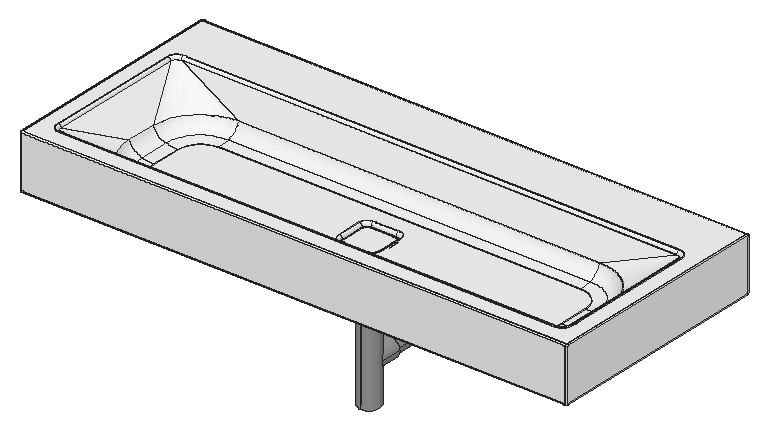
Revit family "KDW010100", category Appareils sanitaires, Revit 2015
Parameters (values of type "CONO WANDWASCHTISCH 3091 500x1200")
  Weight = "24,8"
  WaterSupplyOverflowAndWasteHolesWaterSupply = "n/a"
  WaterSupplyOverflowAndWasteHolesWaste = "n/a"
  WaterSupplyOverflowAndWasteHolesOverflow = "n/a"
  WarrantyStartDate = "https://www.kaldewei.co.uk/fileadmin/data/sprachen/englisch/prospekte/rest/GB_GUARANTEE__CARE_AND_INSTALLATION_INSTRUCTIONS.pdf"
  WarrantyDurationUnit = "Year"
  WarrantyDurationParts = "30"
  VolumeToOverflowMaximum = "n/a"
  Version = "2"
  Uniclass 2015 = "Pr_40_20_96"
  URL = "https://www.kaldewei.co.uk/products/washbasins/detail/product/cono-wandwaschtisch/"
  UNSPSCNames = "Sinks"
  UNSPSCCode = "30181504"
  Type Comments = "CONO WANDWASCHTISCH 3091 500x1200"
  TechnicalDataURL = "https://kaldewei.typo-live.web-factory.de/fileadmin/data/sprachen/englisch/techdata/KADBE_WT_CONO_____________3091_.pdf"
  Sustainability = "https://kaldewei-fa.secure.footprint.net/data/sprachen/englisch/prospekte/rest/Steel_Enamel_Baths_and_Shower_Trays.pdf"
  SupportFrame = "https://www.kaldewei.co.uk/products/washbasins/detail/product/cono-wandwaschtisch/?tx_wkkaldeweiproducts_product%5Bmodellnr%5D=3091&cHash=1e8b68520689007f33010daa55138bbf#tabConfiguration"
  Size = "500x1200"
  Shape = "Wall-Hung,Double washbasin"
  SerialNumber = "3091"
  Revision = "1"
  ProductInformation = "- washbasin with premium character exudes elegance and harmony- optimally integrated enamelled waste accentuates the underlying geometry of the washbasin- unusually generous rim provides space for fittings or individual accessories- perfectly complements the Cono range- All CONO washbasins of 120 cm width are available now with 1x1 or 1x3 tap holes"
  PanelMaterial = "n/a"
  ObjectURL = "https://www.kaldewei.co.uk/products/washbasins/detail/product/cono-wandwaschtisch/"
  ObjectPicture = "https://www.kaldewei.co.uk/products/washbasins/detail/product/cono-wandwaschtisch/?tx_wkkaldeweiproducts_product%5Bmodellnr%5D=3091&cHash=1e8b68520689007f33010daa55138bbf#tabConfiguration"
  ObjectNorm = "EN 14688 EU DECLARATION OF PERFORMANCE (https://www.kaldewei.de/fileadmin/data/sprachen/alle/pdfs/leistungserkla__rungBW-DW-WT-0216Web.pdf)"
  ObjectName = "CONOWANDWASCHTISCH 3091 500x1200"
  NominalWidth = "500"
  NominalLength = "1200"
  NominalHeight = "120 mm"
  NominalDepth = "n/a"
  Name = "CONOWANDWASCHTISCH"
  Modèle = "CONO WANDWASCHTISCH"
  Material = "steel enamel"
  ManufacturerURL = "https://www.kaldewei.com"
  ManufacturerName = "KALDEWEI"
  ManufacturerEmail = "info@kaldewei.de"
  ManufacturerCountry = "GERMANY"
  IntegralAccessories = "https://www.kaldewei.co.uk/products/washbasins/detail/product/cono-wandwaschtisch/?tx_wkkaldeweiproducts_product%5Bmodellnr%5D=3091&cHash=1e8b68520689007f33010daa55138bbf#tabConfiguration"
  IfcExportType = "IfcSanitaryTerminalType"
  IfcExportAs = "WASHHANDBASIN"
  Height [instance] = 90 cm
  Polantis code = "KDW010100"
  Metal = Acier, chromé
  HasGrabHandles = "https://www.kaldewei.co.uk/products/washbasins/detail/product/cono-wandwaschtisch/?tx_wkkaldeweiproducts_product%5Bmodellnr%5D=3091&cHash=1e8b68520689007f33010daa55138bbf#tabConfiguration"
  Finition = Kaldewei
  Finish = "https://n/a"
  Features = "https://www.kaldewei.co.uk/products/washbasins/detail/product/cono-wandwaschtisch/?tx_wkkaldeweiproducts_product%5Bmodellnr%5D=3091&cHash=1e8b68520689007f33010daa55138bbf#tabConfiguration"
  Fabricant = "Kaldewei"
  Durability = "https://www.kaldewei.de/fileadmin/data/sprachen/alle/pdfs/leistungserkla__rungBW-DW-WT-0216Web.pdf"
  DrainSize = "n/a"
  ConnectingDimensions = "n/a"
  ColourOptions = "https://www.kaldewei.co.uk/inspiration/material/colours/"
  Color = "https://www.kaldewei.co.uk/inspiration/material/colours/"
  Author = "Polantis"
Reference planes (cm)
  plane 1 "Center (Front/Back)": y = 0
  plane 2: z = 0
  plane 3 "Center (Left/Right)": x = 0
Nested families (cm)
  nested 1: "KDW010100" at (0, -25.0008, 0), Height <- "Height", type "KDW010100"
    with Height 90 cm
Definition of nested family "KDW010100"
  Parameters (values of type "KDW010100")
    Polantis code = "KDW010100"
    Metal = none
    Height [instance] = 90 cm
    Finition = none
  Reference planes (cm)
    plane 1 "Center (Front/Back)": y = 0
    plane 2: z = 0
    plane 3 "Center (Left/Right)": x = 0
    plane 4: x = -3.5388
    plane 5: x = -4.5533
    plane 6: z = 90
    plane 7: x = -3.5388
    plane 8: x = -4.5533
    plane 9: z = 12
  Forms (cm)
    Extrusion 1, solid, material <- "Metal"
      sketch origin (-0.0222, -17.2589, 78) x (1, 0, 0) y (0, 0, 1)
        loop
          circle (0, -20.8443) r 3.9615
      from -42.2596 to -40.6596
    Extrusion 2, solid, material <- "Metal"
      sketch origin (-0.0222, -5.0754, 78) x (1, 0, 0) y (0, 0, 1)
        loop
          circle (0, -21.0379) r 1.7878
      from -28.4762 to -6.4179
    Extrusion 3, solid, material <- "Metal"
      sketch origin (-0.0222, -5.0754, 78) x (1, 0, 0) y (0, 0, 1)
        loop
          circle (0, -21.0379) r 2.2757
      from -6.4179 to -0.9762
    Revolve 4, solid, material <- "Metal"
      sketch origin (-0.0222, -5.0754, 78) x (0, 1, 0) y (0, 0, 1)
        loop
          line (3.2576, -1.7992) -> (2.9092, -1.7992) -> (2.9092, -3.7934) -> (2.3993, -3.7934) -> (2.3993, -29.8796) -> (3.2576, -29.8796) -> (3.2576, -1.7992)
        axis (0.9809, -1.7992) -> (0.9809, -29.8796)
      angle from 0 to 360
    Extrusion 5, solid, material <- "Finition"
      sketch origin (0.1995, -5.0754, 77.7721) x (1, 0, 0) y (0, 1, 0)
        loop
          arc (-3.9455, -1.4809) -> (-3.594, -2.3294) -> (-2.7455, -2.6809) r 1.2
          line (-2.7455, -2.6809) -> (2.3464, -2.6809)
          arc (2.3464, -2.6809) -> (3.195, -2.3294) -> (3.5464, -1.4809) r 1.2
          line (3.5464, -1.4809) -> (3.5464, 3.5005)
          arc (3.5464, 3.5005) -> (3.195, 4.3491) -> (2.3464, 4.7005) r 1.2
          line (2.3464, 4.7005) -> (-2.7455, 4.7005)
          arc (-2.7455, 4.7005) -> (-3.594, 4.3491) -> (-3.9455, 3.5005) r 1.2
          line (-3.9455, 3.5005) -> (-3.9455, -1.4809)
      from 2.2472 to 2.5227
    Sweep 6, solid, material <- "Finition"
      path origin (0.1995, -5.0754, 77.7721) x (1, 0, 0) y (0, 1, 0)
        loop
          line (-3.9455, 3.5005) -> (-3.9455, -1.4809)
          arc (-3.9455, -1.4809) -> (-3.594, -2.3294) -> (-2.7455, -2.6809) r 1.2
          line (-2.7455, -2.6809) -> (2.3464, -2.6809)
          arc (2.3464, -2.6809) -> (3.195, -2.3294) -> (3.5464, -1.4809) r 1.2
          line (3.5464, -1.4809) -> (3.5464, 3.5005)
          arc (3.5464, 3.5005) -> (3.195, 4.3491) -> (2.3464, 4.7005) r 1.2
          line (2.3464, 4.7005) -> (-2.7455, 4.7005)
          arc (-2.7455, 4.7005) -> (-3.594, 4.3491) -> (-3.9455, 3.5005) r 1.2
      profile origin (-3.746, -4.0656, 77.7721) x (1, 0, 0) y (0, 0, 1)
        loop
          line (0, 2.2472) -> (0, 2.5227)
          arc (0, 2.5227) -> (-0.0556, 2.4997) -> (-0.0786, 2.4441) r 0.0786
          line (-0.0786, 2.4441) -> (-0.0786, 2.3258)
          arc (-0.0786, 2.3258) -> (-0.0556, 2.2702) -> (0, 2.2472) r 0.0786
    Revolve 7, solid, material <- "Metal"
      sketch origin (-0.0222, -5.0754, 78) x (0, 1, 0) y (0, 0, 1)
        loop
          arc (3.1884, 0.9856) -> (3.3497, 1.0524) -> (3.4165, 1.2137) r 0.2282
          line (3.4165, 1.2137) -> (3.4165, 1.4131) -> (4.0531, 1.4465) -> (4.0531, 1.5353) -> (1.7518, 1.5353) -> (1.7518, -3.7154) -> (2.9961, -3.7154) -> (2.9961, -1.9612) -> (3.4878, -1.7214) -> (3.4878, -1.148) -> (3.9268, -1.148) -> (4.0263, -1.0484) -> (4.0263, -0.898) -> (4.1543, -0.898) -> (4.1543, -0.798) -> (3.1642, -0.798) -> (3.1642, 0.102) -> (4.5494, 0.102) -> (4.5494, 0.302) -> (3.4576, 0.302)
          arc (3.4576, 0.302) -> (3.3527, 0.4677) -> (3.4576, 0.6333) r 0.1833
          line (3.4576, 0.6333) -> (4.1494, 0.8832) -> (4.1494, 0.9845) -> (3.1949, 0.9845)
        axis (0.9809, -3.7154) -> (0.9809, 1.5353)
      angle from 0 to 360
    Extrusion 8, solid, material <- "Finition"
      sketch origin (-0.0222, -5.0754, 78) x (1, 0, 0) y (0, 1, 0)
        loop
          line (-59.6477, 29.7754) -> (-59.6477, -19.6246) -> (59.7523, -19.6246) -> (59.7523, 29.7754) -> (-59.6477, 29.7754)
        loop
          arc (-56.3226, -13.9861) -> (-55.7369, -15.4003) -> (-54.3226, -15.9861) r 2
          line (-54.3226, -15.9861) -> (54.3671, -15.9861)
          arc (54.3671, -15.9861) -> (55.7813, -15.4003) -> (56.3671, -13.9861) r 2
          line (56.3671, -13.9861) -> (56.3671, 16.0913)
          arc (56.3671, 16.0913) -> (55.7813, 17.5055) -> (54.3671, 18.0913) r 2
          line (54.3671, 18.0913) -> (-54.3226, 18.0913)
          arc (-54.3226, 18.0913) -> (-55.7369, 17.5055) -> (-56.3226, 16.0913) r 2
          line (-56.3226, 16.0913) -> (-56.3226, -13.9861)
      from 11.8 to 12
    Revolve 9, solid, material <- "Finition"
      sketch origin (-59.6699, -5.0754, 78) x (0, 1, 0) y (0, 0, 1)
        loop
          line (29.7754, 0.2009) -> (29.7754, 0)
          arc (29.7754, 0) -> (29.9875, 0.0879) -> (30.0754, 0.3) r 0.3
          line (30.0754, 0.3) -> (30.0754, 11.6993)
          arc (30.0754, 11.6993) -> (29.9875, 11.9115) -> (29.7754, 11.9993) r 0.3
          line (29.7754, 11.9993) -> (29.7754, 11.7984)
          arc (29.7754, 11.7984) -> (29.8461, 11.7697) -> (29.8754, 11.6993) r 0.0991
          line (29.8754, 11.6993) -> (29.8754, 0.3)
          arc (29.8754, 0.3) -> (29.8461, 0.2296) -> (29.7754, 0.2009) r 0.0991
        axis (29.7754, 11.9993) -> (29.7754, 0)
      angle from 0 to 90
    Revolve 10, solid, material <- "Finition"
      sketch origin (-59.6699, 5.0754, 78) x (0, -1, 0) y (0, 0, -1)
        loop
          arc (29.7754, -0.2009) -> (29.8461, -0.2296) -> (29.8754, -0.3) r 0.0991
          line (29.8754, -0.3) -> (29.8754, -11.6993)
          arc (29.8754, -11.6993) -> (29.8461, -11.7697) -> (29.7754, -11.7984) r 0.0991
          line (29.7754, -11.7984) -> (29.7754, -11.9993)
          arc (29.7754, -11.9993) -> (29.9875, -11.9115) -> (30.0754, -11.6993) r 0.3
          line (30.0754, -11.6993) -> (30.0754, -0.3)
          arc (30.0754, -0.3) -> (29.9875, -0.0879) -> (29.7754, 0) r 0.3
          line (29.7754, 0) -> (29.7754, -0.2009)
        axis (29.7754, -11.9993) -> (29.7754, 0)
      angle from 0 to 90
    Revolve 11, solid, material <- "Finition"
      sketch origin (59.7301, 5.0754, 78) x (0, -1, 0) y (0, 0, 1)
        loop
          line (29.7754, 0.2009) -> (29.7754, 0)
          arc (29.7754, 0) -> (29.9875, 0.0879) -> (30.0754, 0.3) r 0.3
          line (30.0754, 0.3) -> (30.0754, 11.6993)
          arc (30.0754, 11.6993) -> (29.9875, 11.9115) -> (29.7754, 11.9993) r 0.3
          line (29.7754, 11.9993) -> (29.7754, 11.7984)
          arc (29.7754, 11.7984) -> (29.8461, 11.7697) -> (29.8754, 11.6993) r 0.0991
          line (29.8754, 11.6993) -> (29.8754, 0.3)
          arc (29.8754, 0.3) -> (29.8461, 0.2296) -> (29.7754, 0.2009) r 0.0991
        axis (29.7754, 11.9993) -> (29.7754, 0)
      angle from 0 to 90
    Revolve 12, solid, material <- "Finition"
      sketch origin (59.7301, -5.0754, 78) x (0, 1, 0) y (0, 0, -1)
        loop
          arc (29.7754, -0.2009) -> (29.8461, -0.2296) -> (29.8754, -0.3) r 0.0991
          line (29.8754, -0.3) -> (29.8754, -11.6993)
          arc (29.8754, -11.6993) -> (29.8461, -11.7697) -> (29.7754, -11.7984) r 0.0991
          line (29.7754, -11.7984) -> (29.7754, -11.9993)
          arc (29.7754, -11.9993) -> (29.9875, -11.9115) -> (30.0754, -11.6993) r 0.3
          line (30.0754, -11.6993) -> (30.0754, -0.3)
          arc (30.0754, -0.3) -> (29.9875, -0.0879) -> (29.7754, 0) r 0.3
          line (29.7754, 0) -> (29.7754, -0.2009)
        axis (29.7754, -11.9993) -> (29.7754, 0)
      angle from 0 to 90
    Extrusion 13, solid, material <- "Finition"
      sketch origin (-0.0222, -5.0754, 78) x (0, 1, 0) y (0, 0, 1)
        loop
          line (29.8754, 11.6993) -> (29.8754, 0.3)
          arc (29.8754, 0.3) -> (29.8461, 0.2296) -> (29.7754, 0.2009) r 0.0991
          line (29.7754, 0.2009) -> (29.7754, 0)
          arc (29.7754, 0) -> (29.9875, 0.0879) -> (30.0754, 0.3) r 0.3
          line (30.0754, 0.3) -> (30.0754, 11.6993)
          arc (30.0754, 11.6993) -> (29.9875, 11.9115) -> (29.7754, 11.9993) r 0.3
          line (29.7754, 11.9993) -> (29.7754, 11.7984)
          arc (29.7754, 11.7984) -> (29.8461, 11.7697) -> (29.8754, 11.6993) r 0.0991
        loop
          arc (-19.7246, 11.6993) -> (-19.6952, 11.7697) -> (-19.6246, 11.7984) r 0.0991
          line (-19.6246, 11.7984) -> (-19.6246, 11.9993)
          arc (-19.6246, 11.9993) -> (-19.8367, 11.9115) -> (-19.9246, 11.6993) r 0.3
          line (-19.9246, 11.6993) -> (-19.9246, 0.3)
          arc (-19.9246, 0.3) -> (-19.8367, 0.0879) -> (-19.6246, 0) r 0.3
          line (-19.6246, 0) -> (-19.6246, 0.2009)
          arc (-19.6246, 0.2009) -> (-19.6952, 0.2296) -> (-19.7246, 0.3) r 0.0991
          line (-19.7246, 0.3) -> (-19.7246, 11.6993)
      from -59.6477 to 59.7523
    Extrusion 14, solid, material <- "Finition"
      sketch origin (-0.0222, -5.0754, 78) x (1, 0, 0) y (0, 0, 1)
        loop
          arc (59.7523, 11.7984) -> (59.823, 11.7697) -> (59.8523, 11.6993) r 0.0991
          line (59.8523, 11.6993) -> (59.8523, 0.3)
          arc (59.8523, 0.3) -> (59.823, 0.2296) -> (59.7523, 0.2009) r 0.0991
          line (59.7523, 0.2009) -> (59.7523, 0)
          arc (59.7523, 0) -> (59.9645, 0.0879) -> (60.0523, 0.3) r 0.3
          line (60.0523, 0.3) -> (60.0523, 11.6993)
          arc (60.0523, 11.6993) -> (59.9645, 11.9115) -> (59.7523, 11.9993) r 0.3
          line (59.7523, 11.9993) -> (59.7523, 11.7984)
        loop
          line (-59.6477, 11.7984) -> (-59.6477, 11.9993)
          arc (-59.6477, 11.9993) -> (-59.8598, 11.9115) -> (-59.9477, 11.6993) r 0.3
          line (-59.9477, 11.6993) -> (-59.9477, 0.3)
          arc (-59.9477, 0.3) -> (-59.8598, 0.0879) -> (-59.6477, 0) r 0.3
          line (-59.6477, 0) -> (-59.6477, 0.2009)
          arc (-59.6477, 0.2009) -> (-59.7183, 0.2296) -> (-59.7477, 0.3) r 0.0991
          line (-59.7477, 0.3) -> (-59.7477, 11.6993)
          arc (-59.7477, 11.6993) -> (-59.7183, 11.7697) -> (-59.6477, 11.7984) r 0.0991
      from -29.7754 to 19.6246
    Extrusion 15, solid, material <- "Finition"
      sketch origin (-0.0222, -5.0754, 78) x (1, 0, 0) y (0, 1, 0)
        loop
          line (-59.6477, 29.7754) -> (-59.6477, -19.6246) -> (59.7523, -19.6246) -> (59.7523, 29.7754) -> (-59.6477, 29.7754)
        loop
          line (59.0523, -17.9246) -> (59.0523, 28.0754) -> (-58.9477, 28.0754) -> (-58.9477, -17.9246) -> (59.0523, -17.9246)
      from 0 to 0.2
    Extrusion 16, solid, material <- "Finition"
      sketch origin (-0.0222, -5.0754, 78) x (1, 0, 0) y (0, 1, 0)
        loop
          line (48.2523, -18.5084) -> (48.2523, -18.6914) -> (50.5523, -18.6914) -> (50.5523, -17.3055)
          arc (50.5523, -17.3055) -> (50.6023, -17.2555) -> (50.6523, -17.3055) r 0.05
          line (50.6523, -17.3055) -> (50.6523, -17.9246) -> (51.1523, -17.9246) -> (51.1523, -17.3055)
          arc (51.1523, -17.3055) -> (51.2023, -17.2555) -> (51.2523, -17.3055) r 0.05
          line (51.2523, -17.3055) -> (51.2523, -18.6914) -> (57.1523, -18.6914) -> (57.1523, -17.3055)
          arc (57.1523, -17.3055) -> (57.2023, -17.2555) -> (57.2523, -17.3055) r 0.05
          line (57.2523, -17.3055) -> (57.2523, -17.9246) -> (57.7523, -17.9246) -> (57.7523, -17.3055)
          arc (57.7523, -17.3055) -> (57.8023, -17.2555) -> (57.8523, -17.3055) r 0.05
          line (57.8523, -17.3055) -> (57.8523, -18.6914) -> (58.3523, -18.6914) -> (59.6523, -17.3914) -> (59.6523, -15.0914) -> (53.3456, -15.0914)
          arc (53.3456, -15.0914) -> (52.078, -15.329) -> (50.9825, -16.0096) r 3.5
          line (50.9825, -16.0096) -> (48.2523, -18.5084)
        loop
          line (54.8325, -15.4672) -> (52.8383, -15.4915)
          arc (52.8383, -15.4915) -> (51.7067, -16.7417) -> (53.0382, -17.7763) r 1.15
          line (53.0382, -17.7763) -> (55.0063, -17.454)
          arc (55.0063, -17.454) -> (55.8409, -16.38) -> (54.8325, -15.4672) r 1
        loop
          line (48.0523, 28.5338) -> (54.0524, 23.0423) -> (59.6523, 23.0423) -> (59.6523, 27.5423) -> (58.3523, 28.8423) -> (57.8523, 28.8423) -> (57.8523, 27.4564)
          arc (57.8523, 27.4564) -> (57.8023, 27.4064) -> (57.7523, 27.4564) r 0.05
          line (57.7523, 27.4564) -> (57.7523, 28.0754) -> (57.2523, 28.0754) -> (57.2523, 27.4564)
          arc (57.2523, 27.4564) -> (57.2023, 27.4064) -> (57.1523, 27.4564) r 0.05
          line (57.1523, 27.4564) -> (57.1523, 28.8423) -> (51.2523, 28.8423) -> (51.2523, 27.4564)
          arc (51.2523, 27.4564) -> (51.2023, 27.4064) -> (51.1523, 27.4564) r 0.05
          line (51.1523, 27.4564) -> (51.1523, 28.0754) -> (50.6523, 28.0754) -> (50.6523, 27.4564)
          arc (50.6523, 27.4564) -> (50.6023, 27.4064) -> (50.5523, 27.4564) r 0.05
          line (50.5523, 27.4564) -> (50.5523, 28.8423) -> (48.0523, 28.8423) -> (48.0523, 28.5338)
        loop
          arc (54.8325, 25.618) -> (55.8409, 26.5308) -> (55.0063, 27.6048) r 1
          line (55.0063, 27.6048) -> (53.0382, 27.9271)
          arc (53.0382, 27.9271) -> (51.7067, 26.8925) -> (52.8383, 25.6423) r 1.15
          line (52.8383, 25.6423) -> (54.8325, 25.618)
      from 0.2 to 0.4
    Revolve 17, solid, material <- "Finition"
      sketch origin (-0.0222, -4, 78.086) x (1, 0, 0) y (0, 0, 1)
        loop
          line (-2.3425, 0.7708) -> (-1.9661, 0.7708) -> (-1.9661, 0.9708) -> (-2.3626, 0.9708)
          arc (-2.3626, 0.9708) -> (-2.4709, 1) -> (-2.5615, 1.0661) r 0.3077
          arc (-2.5615, 1.0661) -> (-2.9902, 1.4868) -> (-3.4868, 1.8248) r 3.3705
          line (-3.4868, 1.8248) -> (-3.4868, 1.6248)
          arc (-3.4868, 1.6248) -> (-3.0809, 1.2954) -> (-2.7074, 0.9297) r 5.6183
          arc (-2.7074, 0.9297) -> (-2.5415, 0.8122) -> (-2.3425, 0.7708) r 0.4984
        axis (0.0526, 1.8248) -> (0.0526, 0.7708)
      angle from 0 to 360
    Sweep 18, solid, material <- "Finition"
      path origin (-0.0222, -5.0754, 78) x (1, 0, 0) y (0, 1, 0)
        loop
          arc (-54.3226, 18.0913) -> (-55.7369, 17.5055) -> (-56.3226, 16.0913) r 2
          line (-56.3226, 16.0913) -> (-56.3226, -13.9861)
          arc (-56.3226, -13.9861) -> (-55.7369, -15.4003) -> (-54.3226, -15.9861) r 2
          line (-54.3226, -15.9861) -> (54.3671, -15.9861)
          arc (54.3671, -15.9861) -> (55.7813, -15.4003) -> (56.3671, -13.9861) r 2
          line (56.3671, -13.9861) -> (56.3671, 16.0913)
          arc (56.3671, 16.0913) -> (55.7813, 17.5055) -> (54.3671, 18.0913) r 2
          line (54.3671, 18.0913) -> (-54.3226, 18.0913)
      profile origin (0, 13.0159, 78) x (0, 1, 0) y (0, 0, 1)
        loop
          line (0.0964, 12) -> (-0.0036, 12)
          arc (-0.0036, 12) -> (-0.4312, 11.8421) -> (-0.6535, 11.4441) r 0.6579
          line (-0.6535, 11.4441) -> (-0.4535, 11.4441)
          arc (-0.4535, 11.4441) -> (-0.2904, 11.7003) -> (-0.0036, 11.8) r 0.4623
          line (-0.0036, 11.8) -> (0.0964, 11.8) -> (0.0964, 12)
    Extrusion 19, void
      sketch origin (-0.0222, -5.0754, 78) x (1, 0, 0) y (0, 0, 1)
        loop
          arc (51.6523, 7.5) -> (50.6523, 6.5) -> (51.6523, 5.5) r 1
          line (51.6523, 5.5) -> (52.4523, 5.5)
          arc (52.4523, 5.5) -> (53.4523, 6.5) -> (52.4523, 7.5) r 1
          line (52.4523, 7.5) -> (51.6523, 7.5)
        loop
          arc (13.6481, 7.5) -> (12.6481, 6.5) -> (13.6481, 5.5) r 1
          line (13.6481, 5.5) -> (14.4481, 5.5)
          arc (14.4481, 5.5) -> (15.4481, 6.5) -> (14.4481, 7.5) r 1
          line (14.4481, 7.5) -> (13.6481, 7.5)
        loop
          line (-51.5434, 7.5) -> (-52.3434, 7.5)
          arc (-52.3434, 7.5) -> (-53.3434, 6.5) -> (-52.3434, 5.5) r 1
          line (-52.3434, 5.5) -> (-51.5434, 5.5)
          arc (-51.5434, 5.5) -> (-50.5434, 6.5) -> (-51.5434, 7.5) r 1
        loop
          line (-13.5434, 7.5) -> (-14.3434, 7.5)
          arc (-14.3434, 7.5) -> (-15.3434, 6.5) -> (-14.3434, 5.5) r 1
          line (-14.3434, 5.5) -> (-13.5434, 5.5)
          arc (-13.5434, 5.5) -> (-12.5434, 6.5) -> (-13.5434, 7.5) r 1
      from -29.7754 to -30.0754
    Sweep 20, solid, material <- "Finition"
      path origin (-0.0222, -5.0754, 78) x (1, 0, 0) y (0, 1, 0)
        loop
          arc (-39.6731, 9.3454) -> (-43.2086, 7.8809) -> (-44.6731, 4.3454) r 5
          line (-44.6731, 4.3454) -> (-44.6731, -2.2018)
          arc (-44.6731, -2.2018) -> (-43.2086, -5.7374) -> (-39.6731, -7.2018) r 5
          line (-39.6731, -7.2018) -> (39.6731, -7.2018)
          arc (39.6731, -7.2018) -> (43.2086, -5.7374) -> (44.6731, -2.2018) r 5
          line (44.6731, -2.2018) -> (44.6731, 4.3454)
          arc (44.6731, 4.3454) -> (43.2086, 7.8809) -> (39.6731, 9.3454) r 5
          line (39.6731, 9.3454) -> (-39.6731, 9.3454)
      profile origin (-0.0222, 4.27, 78) x (0, 1, 0) y (0, 0, 1)
        loop
          arc (0, 2.8292) -> (1.3512, 2.898) -> (2.6863, 3.1173) r 12.0903
          arc (2.6863, 3.1173) -> (4.5133, 4.0669) -> (5.6252, 5.8) r 3.9969
          line (5.6252, 5.8) -> (5.4252, 5.8)
          arc (5.4252, 5.8) -> (4.3493, 4.2059) -> (2.6487, 3.3076) r 3.9556
          arc (2.6487, 3.3076) -> (1.3302, 3.1131) -> (0, 3.0292) r 15.9568
          line (0, 3.0292) -> (0, 2.8292)
    SweptBlend 21, solid, material <- "Finition"
      path origin (-0.0222, -5.0754, 78) x (0, 1, 0) y (0, 0, 1)
        loop
          line (0, 11.4441) -> (0, 5.8)
      profile origin (-0.0222, -5.0754, 89.4441) x (1, 0, 0) y (0, 1, 0)
        loop
          line (-55.8691, 16.0913) -> (-55.8691, -13.9861)
          arc (-55.8691, -13.9861) -> (-55.4162, -15.0796) -> (-54.3226, -15.5326) r 1.5465
          line (-54.3226, -15.5326) -> (0.0222, -15.5326) -> (0.0222, -15.3326) -> (-54.3226, -15.3326)
          arc (-54.3226, -15.3326) -> (-55.2748, -14.9382) -> (-55.6691, -13.9861) r 1.3465
          line (-55.6691, -13.9861) -> (-55.6691, 16.0913)
          arc (-55.6691, 16.0913) -> (-55.2748, 17.0434) -> (-54.3226, 17.4378) r 1.3465
          line (-54.3226, 17.4378) -> (0.0222, 17.4378) -> (0.0222, 17.6378) -> (-54.3226, 17.6378)
          arc (-54.3226, 17.6378) -> (-55.4162, 17.1848) -> (-55.8691, 16.0913) r 1.5465
      end profile origin (-0.0222, -5.0754, 83.8) x (1, 0, 0) y (0, 1, 0)
        loop
          arc (-39.6731, -12.627) -> (-47.0448, -9.5735) -> (-50.0983, -2.2018) r 10.4252
          line (-50.0983, -2.2018) -> (-50.0983, 4.3454)
          arc (-50.0983, 4.3454) -> (-47.0448, 11.7171) -> (-39.6731, 14.7706) r 10.4252
          line (-39.6731, 14.7706) -> (0.0222, 14.7706) -> (0.0222, 14.9706) -> (-39.6731, 14.9706)
          arc (-39.6731, 14.9706) -> (-47.1862, 11.8585) -> (-50.2983, 4.3454) r 10.6252
          line (-50.2983, 4.3454) -> (-50.2983, -2.2018)
          arc (-50.2983, -2.2018) -> (-47.1862, -9.715) -> (-39.6731, -12.827) r 10.6252
          line (-39.6731, -12.827) -> (0.0222, -12.827) -> (0.0222, -12.627) -> (-39.6731, -12.627)
    SweptBlend 22, solid, material <- "Finition"
      path origin (0.0222, -5.0754, 78) x (0, 1, 0) y (0, 0, -1)
        loop
          line (0, -11.4441) -> (0, -5.8)
      profile origin (0.0222, -5.0754, 89.4441) x (-1, 0, 0) y (0, -1, 0)
        loop
          arc (-55.8691, -16.0913) -> (-55.4162, -17.1848) -> (-54.3226, -17.6378) r 1.5465
          line (-54.3226, -17.6378) -> (0.0222, -17.6378) -> (0.0222, -17.4378) -> (-54.3226, -17.4378)
          arc (-54.3226, -17.4378) -> (-55.2748, -17.0434) -> (-55.6691, -16.0913) r 1.3465
          line (-55.6691, -16.0913) -> (-55.6691, 13.9861)
          arc (-55.6691, 13.9861) -> (-55.2748, 14.9382) -> (-54.3226, 15.3326) r 1.3465
          line (-54.3226, 15.3326) -> (0.0222, 15.3326) -> (0.0222, 15.5326) -> (-54.3226, 15.5326)
          arc (-54.3226, 15.5326) -> (-55.4162, 15.0796) -> (-55.8691, 13.9861) r 1.5465
          line (-55.8691, 13.9861) -> (-55.8691, -16.0913)
      end profile origin (0.0222, -5.0754, 83.8) x (-1, 0, 0) y (0, -1, 0)
        loop
          line (-39.6731, 12.627) -> (0.0222, 12.627) -> (0.0222, 12.827) -> (-39.6731, 12.827)
          arc (-39.6731, 12.827) -> (-47.1862, 9.715) -> (-50.2983, 2.2018) r 10.6252
          line (-50.2983, 2.2018) -> (-50.2983, -4.3454)
          arc (-50.2983, -4.3454) -> (-47.1862, -11.8585) -> (-39.6731, -14.9706) r 10.6252
          line (-39.6731, -14.9706) -> (0.0222, -14.9706) -> (0.0222, -14.7706) -> (-39.6731, -14.7706)
          arc (-39.6731, -14.7706) -> (-47.0448, -11.7171) -> (-50.0983, -4.3454) r 10.4252
          line (-50.0983, -4.3454) -> (-50.0983, 2.2018)
          arc (-50.0983, 2.2018) -> (-47.0448, 9.5735) -> (-39.6731, 12.627) r 10.4252
    Extrusion 23, solid, material <- "Finition"
      sketch origin (-0.0222, -5.0754, 80.8292) x (1, 0, 0) y (0, 1, 0)
        loop
          line (-44.6731, 4.3454) -> (-44.6731, -2.2018)
          arc (-44.6731, -2.2018) -> (-43.2086, -5.7374) -> (-39.6731, -7.2018) r 5
          line (-39.6731, -7.2018) -> (39.6731, -7.2018)
          arc (39.6731, -7.2018) -> (43.2086, -5.7374) -> (44.6731, -2.2018) r 5
          line (44.6731, -2.2018) -> (44.6731, 4.3454)
          arc (44.6731, 4.3454) -> (43.2086, 7.8809) -> (39.6731, 9.3454) r 5
          line (39.6731, 9.3454) -> (-39.6731, 9.3454)
          arc (-39.6731, 9.3454) -> (-43.2086, 7.8809) -> (-44.6731, 4.3454) r 5
        loop
          line (-4.5311, 3.8145) -> (-4.5311, -1.6637)
          arc (-4.5311, -1.6637) -> (-3.9909, -2.9678) -> (-2.6868, -3.508) r 1.8443
          line (-2.6868, -3.508) -> (2.7922, -3.508)
          arc (2.7922, -3.508) -> (4.1022, -2.9619) -> (4.6364, -1.6471) r 1.8443
          line (4.6364, -1.6471) -> (4.6364, 3.8145)
          arc (4.6364, 3.8145) -> (4.0962, 5.1187) -> (2.7921, 5.6589) r 1.8443
          line (2.7921, 5.6589) -> (-2.6868, 5.6589)
          arc (-2.6868, 5.6589) -> (-3.9909, 5.1187) -> (-4.5311, 3.8145) r 1.8443
      from 0 to 0.2
    Sweep 24, solid, material <- "Finition"
      path origin (-0.0527, -5.0754, 82.6571) x (0, -1, 0) y (1, 0, 0)
        loop
          arc (1.6637, -4.5006) -> (2.9678, -3.9604) -> (3.508, -2.6563) r 1.8443
          line (3.508, -2.6563) -> (3.508, 2.8269)
          arc (3.508, 2.8269) -> (2.9691, 4.128) -> (1.668, 4.6669) r 1.84
          line (1.668, 4.6669) -> (-3.8145, 4.6669)
          arc (-3.8145, 4.6669) -> (-5.1187, 4.1267) -> (-5.6589, 2.8225) r 1.8443
          line (-5.6589, 2.8225) -> (-5.6589, -2.6563)
          arc (-5.6589, -2.6563) -> (-5.1187, -3.9604) -> (-3.8145, -4.5006) r 1.8443
          line (-3.8145, -4.5006) -> (1.6637, -4.5006)
      profile origin (-4.5533, -4, 82.6571) x (-1, 0, 0) y (0, 0, 1)
        loop
          line (-1.0443, -2.7463) -> (-1.0443, -2.9473)
          arc (-1.0443, -2.9473) -> (-0.6161, -2.7875) -> (-0.4217, -2.3737) r 0.6053
          arc (-0.4217, -2.3737) -> (-0.296, -2.037) -> (0, -1.8332) r 0.5977
          line (0, -1.8332) -> (0, -1.6279)
          arc (0, -1.6279) -> (-0.4531, -1.874) -> (-0.6186, -2.3623) r 0.7068
          arc (-0.6186, -2.3623) -> (-0.7491, -2.6457) -> (-1.0443, -2.7463) r 0.3955
    Extrusion 25, solid, material <- "Finition"
      sketch origin (0, 0, 79.7108) x (1, 0, 0) y (0, 1, 0)
        loop
          arc (-3.509, -4) -> (-2.488, -1.5131) -> (-0.0142, -0.4609) r 3.5394
          line (-0.0142, -0.4609) -> (-2.709, -0.4609)
          arc (-2.709, -0.4609) -> (-3.2747, -0.6952) -> (-3.509, -1.2609) r 0.8
          line (-3.509, -1.2609) -> (-3.509, -4)
      from 0 to 0.2
    Extrusion 26, solid, material <- "Finition"
      sketch origin (0, -8, 79.7108) x (1, 0, 0) y (0, 1, 0)
        loop
          line (-3.509, 4) -> (-3.509, 1.2609)
          arc (-3.509, 1.2609) -> (-3.2747, 0.6952) -> (-2.709, 0.4609) r 0.8
          line (-2.709, 0.4609) -> (-0.0142, 0.4609)
          arc (-0.0142, 0.4609) -> (-2.488, 1.5131) -> (-3.509, 4) r 3.5394
      from 0 to 0.2
    Extrusion 27, solid, material <- "Finition"
      sketch origin (0.0609, 0, 79.7108) x (-1, 0, 0) y (0, -1, 0)
        loop
          line (-3.509, 4) -> (-3.509, 1.2609)
          arc (-3.509, 1.2609) -> (-3.2747, 0.6952) -> (-2.709, 0.4609) r 0.8
          line (-2.709, 0.4609) -> (-0.0142, 0.4609)
          arc (-0.0142, 0.4609) -> (-2.488, 1.5131) -> (-3.509, 4) r 3.5394
      from 0 to 0.2
    Extrusion 28, solid, material <- "Finition"
      sketch origin (0.0609, -8, 79.7108) x (-1, 0, 0) y (0, -1, 0)
        loop
          arc (-3.509, -4) -> (-2.488, -1.5131) -> (-0.0142, -0.4609) r 3.5394
          line (-0.0142, -0.4609) -> (-2.709, -0.4609)
          arc (-2.709, -0.4609) -> (-3.2747, -0.6952) -> (-3.509, -1.2609) r 0.8
          line (-3.509, -1.2609) -> (-3.509, -4)
      from 0 to 0.2
    Extrusion 29, solid, material <- "Metal", not visible
      sketch origin (-0.0222, -17.2589, 0) x (1, 0, 0) y (0, 0, 1)
        loop
          circle (0, -20.8443) r 3.9615
      from -42.2596 to -40.6596
    Extrusion 30, solid, material <- "Metal", not visible
      sketch origin (-0.0222, -5.0754, 0) x (1, 0, 0) y (0, 0, 1)
        loop
          circle (0, -21.0379) r 1.7878
      from -28.4762 to -6.4179
    Extrusion 31, solid, material <- "Metal", not visible
      sketch origin (-0.0222, -5.0754, 0) x (1, 0, 0) y (0, 0, 1)
        loop
          circle (0, -21.0379) r 2.2757
      from -6.4179 to -0.9762
    Revolve 32, solid, material <- "Metal", not visible
      sketch origin (-0.0222, -5.0754, 0) x (0, 1, 0) y (0, 0, 1)
        loop
          line (3.2576, -1.7992) -> (2.9092, -1.7992) -> (2.9092, -3.7934) -> (2.3993, -3.7934) -> (2.3993, -29.8796) -> (3.2576, -29.8796) -> (3.2576, -1.7992)
        axis (0.9809, -1.7992) -> (0.9809, -29.8796)
      angle from 0 to 360
    Extrusion 33, solid, material <- "Finition", not visible
      sketch origin (0.1995, -5.0754, -0.2279) x (1, 0, 0) y (0, 1, 0)
        loop
          arc (-3.9455, -1.4809) -> (-3.594, -2.3294) -> (-2.7455, -2.6809) r 1.2
          line (-2.7455, -2.6809) -> (2.3464, -2.6809)
          arc (2.3464, -2.6809) -> (3.195, -2.3294) -> (3.5464, -1.4809) r 1.2
          line (3.5464, -1.4809) -> (3.5464, 3.5005)
          arc (3.5464, 3.5005) -> (3.195, 4.3491) -> (2.3464, 4.7005) r 1.2
          line (2.3464, 4.7005) -> (-2.7455, 4.7005)
          arc (-2.7455, 4.7005) -> (-3.594, 4.3491) -> (-3.9455, 3.5005) r 1.2
          line (-3.9455, 3.5005) -> (-3.9455, -1.4809)
      from 2.2472 to 2.5227
    Sweep 34, solid, material <- "Finition", not visible
      path origin (0.1995, -5.0754, -0.2279) x (1, 0, 0) y (0, 1, 0)
        loop
          line (-3.9455, 3.5005) -> (-3.9455, -1.4809)
          arc (-3.9455, -1.4809) -> (-3.594, -2.3294) -> (-2.7455, -2.6809) r 1.2
          line (-2.7455, -2.6809) -> (2.3464, -2.6809)
          arc (2.3464, -2.6809) -> (3.195, -2.3294) -> (3.5464, -1.4809) r 1.2
          line (3.5464, -1.4809) -> (3.5464, 3.5005)
          arc (3.5464, 3.5005) -> (3.195, 4.3491) -> (2.3464, 4.7005) r 1.2
          line (2.3464, 4.7005) -> (-2.7455, 4.7005)
          arc (-2.7455, 4.7005) -> (-3.594, 4.3491) -> (-3.9455, 3.5005) r 1.2
      profile origin (-3.746, -4.0656, -0.2279) x (1, 0, 0) y (0, 0, 1)
        loop
          line (0, 2.2472) -> (0, 2.5227)
          arc (0, 2.5227) -> (-0.0556, 2.4997) -> (-0.0786, 2.4441) r 0.0786
          line (-0.0786, 2.4441) -> (-0.0786, 2.3258)
          arc (-0.0786, 2.3258) -> (-0.0556, 2.2702) -> (0, 2.2472) r 0.0786
    Revolve 35, solid, material <- "Metal", not visible
      sketch origin (-0.0222, -5.0754, 0) x (0, 1, 0) y (0, 0, 1)
        loop
          arc (3.1884, 0.9856) -> (3.3497, 1.0524) -> (3.4165, 1.2137) r 0.2282
          line (3.4165, 1.2137) -> (3.4165, 1.4131) -> (4.0531, 1.4465) -> (4.0531, 1.5353) -> (1.7518, 1.5353) -> (1.7518, -3.7154) -> (2.9961, -3.7154) -> (2.9961, -1.9612) -> (3.4878, -1.7214) -> (3.4878, -1.148) -> (3.9268, -1.148) -> (4.0263, -1.0484) -> (4.0263, -0.898) -> (4.1543, -0.898) -> (4.1543, -0.798) -> (3.1642, -0.798) -> (3.1642, 0.102) -> (4.5494, 0.102) -> (4.5494, 0.302) -> (3.4576, 0.302)
          arc (3.4576, 0.302) -> (3.3527, 0.4677) -> (3.4576, 0.6333) r 0.1833
          line (3.4576, 0.6333) -> (4.1494, 0.8832) -> (4.1494, 0.9845) -> (3.1949, 0.9845)
        axis (0.9809, -3.7154) -> (0.9809, 1.5353)
      angle from 0 to 360
    Extrusion 36, solid, material <- "Finition", not visible
      sketch origin (-0.0222, -5.0754, 0) x (1, 0, 0) y (0, 1, 0)
        loop
          line (-59.6477, 29.7754) -> (-59.6477, -19.6246) -> (59.7523, -19.6246) -> (59.7523, 29.7754) -> (-59.6477, 29.7754)
        loop
          arc (-56.3226, -13.9861) -> (-55.7369, -15.4003) -> (-54.3226, -15.9861) r 2
          line (-54.3226, -15.9861) -> (54.3671, -15.9861)
          arc (54.3671, -15.9861) -> (55.7813, -15.4003) -> (56.3671, -13.9861) r 2
          line (56.3671, -13.9861) -> (56.3671, 16.0913)
          arc (56.3671, 16.0913) -> (55.7813, 17.5055) -> (54.3671, 18.0913) r 2
          line (54.3671, 18.0913) -> (-54.3226, 18.0913)
          arc (-54.3226, 18.0913) -> (-55.7369, 17.5055) -> (-56.3226, 16.0913) r 2
          line (-56.3226, 16.0913) -> (-56.3226, -13.9861)
      from 11.8 to 12
    Revolve 37, solid, material <- "Finition", not visible
      sketch origin (-59.6699, -5.0754, 0) x (0, 1, 0) y (0, 0, 1)
        loop
          line (29.7754, 0.2009) -> (29.7754, 0)
          arc (29.7754, 0) -> (29.9875, 0.0879) -> (30.0754, 0.3) r 0.3
          line (30.0754, 0.3) -> (30.0754, 11.6993)
          arc (30.0754, 11.6993) -> (29.9875, 11.9115) -> (29.7754, 11.9993) r 0.3
          line (29.7754, 11.9993) -> (29.7754, 11.7984)
          arc (29.7754, 11.7984) -> (29.8461, 11.7697) -> (29.8754, 11.6993) r 0.0991
          line (29.8754, 11.6993) -> (29.8754, 0.3)
          arc (29.8754, 0.3) -> (29.8461, 0.2296) -> (29.7754, 0.2009) r 0.0991
        axis (29.7754, 11.9993) -> (29.7754, 0)
      angle from 0 to 90
    Revolve 38, solid, material <- "Finition", not visible
      sketch origin (-59.6699, 5.0754, 0) x (0, -1, 0) y (0, 0, -1)
        loop
          arc (29.7754, -0.2009) -> (29.8461, -0.2296) -> (29.8754, -0.3) r 0.0991
          line (29.8754, -0.3) -> (29.8754, -11.6993)
          arc (29.8754, -11.6993) -> (29.8461, -11.7697) -> (29.7754, -11.7984) r 0.0991
          line (29.7754, -11.7984) -> (29.7754, -11.9993)
          arc (29.7754, -11.9993) -> (29.9875, -11.9115) -> (30.0754, -11.6993) r 0.3
          line (30.0754, -11.6993) -> (30.0754, -0.3)
          arc (30.0754, -0.3) -> (29.9875, -0.0879) -> (29.7754, 0) r 0.3
          line (29.7754, 0) -> (29.7754, -0.2009)
        axis (29.7754, -11.9993) -> (29.7754, 0)
      angle from 0 to 90
    Revolve 39, solid, material <- "Finition", not visible
      sketch origin (59.7301, 5.0754, 0) x (0, -1, 0) y (0, 0, 1)
        loop
          line (29.7754, 0.2009) -> (29.7754, 0)
          arc (29.7754, 0) -> (29.9875, 0.0879) -> (30.0754, 0.3) r 0.3
          line (30.0754, 0.3) -> (30.0754, 11.6993)
          arc (30.0754, 11.6993) -> (29.9875, 11.9115) -> (29.7754, 11.9993) r 0.3
          line (29.7754, 11.9993) -> (29.7754, 11.7984)
          arc (29.7754, 11.7984) -> (29.8461, 11.7697) -> (29.8754, 11.6993) r 0.0991
          line (29.8754, 11.6993) -> (29.8754, 0.3)
          arc (29.8754, 0.3) -> (29.8461, 0.2296) -> (29.7754, 0.2009) r 0.0991
        axis (29.7754, 11.9993) -> (29.7754, 0)
      angle from 0 to 90
    Revolve 40, solid, material <- "Finition", not visible
      sketch origin (59.7301, -5.0754, 0) x (0, 1, 0) y (0, 0, -1)
        loop
          arc (29.7754, -0.2009) -> (29.8461, -0.2296) -> (29.8754, -0.3) r 0.0991
          line (29.8754, -0.3) -> (29.8754, -11.6993)
          arc (29.8754, -11.6993) -> (29.8461, -11.7697) -> (29.7754, -11.7984) r 0.0991
          line (29.7754, -11.7984) -> (29.7754, -11.9993)
          arc (29.7754, -11.9993) -> (29.9875, -11.9115) -> (30.0754, -11.6993) r 0.3
          line (30.0754, -11.6993) -> (30.0754, -0.3)
          arc (30.0754, -0.3) -> (29.9875, -0.0879) -> (29.7754, 0) r 0.3
          line (29.7754, 0) -> (29.7754, -0.2009)
        axis (29.7754, -11.9993) -> (29.7754, 0)
      angle from 0 to 90
    Extrusion 41, solid, material <- "Finition", not visible
      sketch origin (-0.0222, -5.0754, 0) x (0, 1, 0) y (0, 0, 1)
        loop
          line (29.8754, 11.6993) -> (29.8754, 0.3)
          arc (29.8754, 0.3) -> (29.8461, 0.2296) -> (29.7754, 0.2009) r 0.0991
          line (29.7754, 0.2009) -> (29.7754, 0)
          arc (29.7754, 0) -> (29.9875, 0.0879) -> (30.0754, 0.3) r 0.3
          line (30.0754, 0.3) -> (30.0754, 11.6993)
          arc (30.0754, 11.6993) -> (29.9875, 11.9115) -> (29.7754, 11.9993) r 0.3
          line (29.7754, 11.9993) -> (29.7754, 11.7984)
          arc (29.7754, 11.7984) -> (29.8461, 11.7697) -> (29.8754, 11.6993) r 0.0991
        loop
          arc (-19.7246, 11.6993) -> (-19.6952, 11.7697) -> (-19.6246, 11.7984) r 0.0991
          line (-19.6246, 11.7984) -> (-19.6246, 11.9993)
          arc (-19.6246, 11.9993) -> (-19.8367, 11.9115) -> (-19.9246, 11.6993) r 0.3
          line (-19.9246, 11.6993) -> (-19.9246, 0.3)
          arc (-19.9246, 0.3) -> (-19.8367, 0.0879) -> (-19.6246, 0) r 0.3
          line (-19.6246, 0) -> (-19.6246, 0.2009)
          arc (-19.6246, 0.2009) -> (-19.6952, 0.2296) -> (-19.7246, 0.3) r 0.0991
          line (-19.7246, 0.3) -> (-19.7246, 11.6993)
      from -59.6477 to 59.7523
    Extrusion 42, solid, material <- "Finition", not visible
      sketch origin (-0.0222, -5.0754, 0) x (1, 0, 0) y (0, 0, 1)
        loop
          arc (59.7523, 11.7984) -> (59.823, 11.7697) -> (59.8523, 11.6993) r 0.0991
          line (59.8523, 11.6993) -> (59.8523, 0.3)
          arc (59.8523, 0.3) -> (59.823, 0.2296) -> (59.7523, 0.2009) r 0.0991
          line (59.7523, 0.2009) -> (59.7523, 0)
          arc (59.7523, 0) -> (59.9645, 0.0879) -> (60.0523, 0.3) r 0.3
          line (60.0523, 0.3) -> (60.0523, 11.6993)
          arc (60.0523, 11.6993) -> (59.9645, 11.9115) -> (59.7523, 11.9993) r 0.3
          line (59.7523, 11.9993) -> (59.7523, 11.7984)
        loop
          line (-59.6477, 11.7984) -> (-59.6477, 11.9993)
          arc (-59.6477, 11.9993) -> (-59.8598, 11.9115) -> (-59.9477, 11.6993) r 0.3
          line (-59.9477, 11.6993) -> (-59.9477, 0.3)
          arc (-59.9477, 0.3) -> (-59.8598, 0.0879) -> (-59.6477, 0) r 0.3
          line (-59.6477, 0) -> (-59.6477, 0.2009)
          arc (-59.6477, 0.2009) -> (-59.7183, 0.2296) -> (-59.7477, 0.3) r 0.0991
          line (-59.7477, 0.3) -> (-59.7477, 11.6993)
          arc (-59.7477, 11.6993) -> (-59.7183, 11.7697) -> (-59.6477, 11.7984) r 0.0991
      from -29.7754 to 19.6246
    Extrusion 43, solid, material <- "Finition", not visible
      sketch origin (-0.0222, -5.0754, 0) x (1, 0, 0) y (0, 1, 0)
        loop
          line (-59.6477, 29.7754) -> (-59.6477, -19.6246) -> (59.7523, -19.6246) -> (59.7523, 29.7754) -> (-59.6477, 29.7754)
        loop
          line (59.0523, -17.9246) -> (59.0523, 28.0754) -> (-58.9477, 28.0754) -> (-58.9477, -17.9246) -> (59.0523, -17.9246)
      from 0 to 0.2
    Extrusion 44, solid, material <- "Finition", not visible
      sketch origin (-0.0222, -5.0754, 0) x (1, 0, 0) y (0, 1, 0)
        loop
          line (48.2523, -18.5084) -> (48.2523, -18.6914) -> (50.5523, -18.6914) -> (50.5523, -17.3055)
          arc (50.5523, -17.3055) -> (50.6023, -17.2555) -> (50.6523, -17.3055) r 0.05
          line (50.6523, -17.3055) -> (50.6523, -17.9246) -> (51.1523, -17.9246) -> (51.1523, -17.3055)
          arc (51.1523, -17.3055) -> (51.2023, -17.2555) -> (51.2523, -17.3055) r 0.05
          line (51.2523, -17.3055) -> (51.2523, -18.6914) -> (57.1523, -18.6914) -> (57.1523, -17.3055)
          arc (57.1523, -17.3055) -> (57.2023, -17.2555) -> (57.2523, -17.3055) r 0.05
          line (57.2523, -17.3055) -> (57.2523, -17.9246) -> (57.7523, -17.9246) -> (57.7523, -17.3055)
          arc (57.7523, -17.3055) -> (57.8023, -17.2555) -> (57.8523, -17.3055) r 0.05
          line (57.8523, -17.3055) -> (57.8523, -18.6914) -> (58.3523, -18.6914) -> (59.6523, -17.3914) -> (59.6523, -15.0914) -> (53.3456, -15.0914)
          arc (53.3456, -15.0914) -> (52.078, -15.329) -> (50.9825, -16.0096) r 3.5
          line (50.9825, -16.0096) -> (48.2523, -18.5084)
        loop
          line (54.8325, -15.4672) -> (52.8383, -15.4915)
          arc (52.8383, -15.4915) -> (51.7067, -16.7417) -> (53.0382, -17.7763) r 1.15
          line (53.0382, -17.7763) -> (55.0063, -17.454)
          arc (55.0063, -17.454) -> (55.8409, -16.38) -> (54.8325, -15.4672) r 1
        loop
          line (48.0523, 28.5338) -> (54.0524, 23.0423) -> (59.6523, 23.0423) -> (59.6523, 27.5423) -> (58.3523, 28.8423) -> (57.8523, 28.8423) -> (57.8523, 27.4564)
          arc (57.8523, 27.4564) -> (57.8023, 27.4064) -> (57.7523, 27.4564) r 0.05
          line (57.7523, 27.4564) -> (57.7523, 28.0754) -> (57.2523, 28.0754) -> (57.2523, 27.4564)
          arc (57.2523, 27.4564) -> (57.2023, 27.4064) -> (57.1523, 27.4564) r 0.05
          line (57.1523, 27.4564) -> (57.1523, 28.8423) -> (51.2523, 28.8423) -> (51.2523, 27.4564)
          arc (51.2523, 27.4564) -> (51.2023, 27.4064) -> (51.1523, 27.4564) r 0.05
          line (51.1523, 27.4564) -> (51.1523, 28.0754) -> (50.6523, 28.0754) -> (50.6523, 27.4564)
          arc (50.6523, 27.4564) -> (50.6023, 27.4064) -> (50.5523, 27.4564) r 0.05
          line (50.5523, 27.4564) -> (50.5523, 28.8423) -> (48.0523, 28.8423) -> (48.0523, 28.5338)
        loop
          arc (54.8325, 25.618) -> (55.8409, 26.5308) -> (55.0063, 27.6048) r 1
          line (55.0063, 27.6048) -> (53.0382, 27.9271)
          arc (53.0382, 27.9271) -> (51.7067, 26.8925) -> (52.8383, 25.6423) r 1.15
          line (52.8383, 25.6423) -> (54.8325, 25.618)
      from 0.2 to 0.4
    Revolve 45, solid, material <- "Finition", not visible
      sketch origin (-0.0222, -4, 0.0861) x (1, 0, 0) y (0, 0, 1)
        loop
          line (-2.3425, 0.7708) -> (-1.9661, 0.7708) -> (-1.9661, 0.9708) -> (-2.3626, 0.9708)
          arc (-2.3626, 0.9708) -> (-2.4709, 1) -> (-2.5615, 1.0661) r 0.3077
          arc (-2.5615, 1.0661) -> (-2.9902, 1.4868) -> (-3.4868, 1.8248) r 3.3705
          line (-3.4868, 1.8248) -> (-3.4868, 1.6248)
          arc (-3.4868, 1.6248) -> (-3.0809, 1.2954) -> (-2.7074, 0.9297) r 5.6183
          arc (-2.7074, 0.9297) -> (-2.5415, 0.8122) -> (-2.3425, 0.7708) r 0.4984
        axis (0.0526, 1.8248) -> (0.0526, 0.7708)
      angle from 0 to 360
    Sweep 46, solid, material <- "Finition", not visible
      path origin (-0.0222, -5.0754, 0) x (1, 0, 0) y (0, 1, 0)
        loop
          arc (-54.3226, 18.0913) -> (-55.7369, 17.5055) -> (-56.3226, 16.0913) r 2
          line (-56.3226, 16.0913) -> (-56.3226, -13.9861)
          arc (-56.3226, -13.9861) -> (-55.7369, -15.4003) -> (-54.3226, -15.9861) r 2
          line (-54.3226, -15.9861) -> (54.3671, -15.9861)
          arc (54.3671, -15.9861) -> (55.7813, -15.4003) -> (56.3671, -13.9861) r 2
          line (56.3671, -13.9861) -> (56.3671, 16.0913)
          arc (56.3671, 16.0913) -> (55.7813, 17.5055) -> (54.3671, 18.0913) r 2
          line (54.3671, 18.0913) -> (-54.3226, 18.0913)
      profile origin (0, 13.0159, 0) x (0, 1, 0) y (0, 0, 1)
        loop
          line (0.0964, 12) -> (-0.0036, 12)
          arc (-0.0036, 12) -> (-0.4312, 11.8421) -> (-0.6535, 11.4441) r 0.6579
          line (-0.6535, 11.4441) -> (-0.4535, 11.4441)
          arc (-0.4535, 11.4441) -> (-0.2904, 11.7003) -> (-0.0036, 11.8) r 0.4623
          line (-0.0036, 11.8) -> (0.0964, 11.8) -> (0.0964, 12)
    Extrusion 47, void, not visible
      sketch origin (-0.0222, -5.0754, 0) x (1, 0, 0) y (0, 0, 1)
        loop
          arc (51.6523, 7.5) -> (50.6523, 6.5) -> (51.6523, 5.5) r 1
          line (51.6523, 5.5) -> (52.4523, 5.5)
          arc (52.4523, 5.5) -> (53.4523, 6.5) -> (52.4523, 7.5) r 1
          line (52.4523, 7.5) -> (51.6523, 7.5)
        loop
          arc (13.6481, 7.5) -> (12.6481, 6.5) -> (13.6481, 5.5) r 1
          line (13.6481, 5.5) -> (14.4481, 5.5)
          arc (14.4481, 5.5) -> (15.4481, 6.5) -> (14.4481, 7.5) r 1
          line (14.4481, 7.5) -> (13.6481, 7.5)
        loop
          line (-51.5434, 7.5) -> (-52.3434, 7.5)
          arc (-52.3434, 7.5) -> (-53.3434, 6.5) -> (-52.3434, 5.5) r 1
          line (-52.3434, 5.5) -> (-51.5434, 5.5)
          arc (-51.5434, 5.5) -> (-50.5434, 6.5) -> (-51.5434, 7.5) r 1
        loop
          line (-13.5434, 7.5) -> (-14.3434, 7.5)
          arc (-14.3434, 7.5) -> (-15.3434, 6.5) -> (-14.3434, 5.5) r 1
          line (-14.3434, 5.5) -> (-13.5434, 5.5)
          arc (-13.5434, 5.5) -> (-12.5434, 6.5) -> (-13.5434, 7.5) r 1
      from -29.7754 to -30.0754
    Sweep 48, solid, material <- "Finition", not visible
      path origin (-0.0222, -5.0754, 0) x (1, 0, 0) y (0, 1, 0)
        loop
          arc (-39.6731, 9.3454) -> (-43.2086, 7.8809) -> (-44.6731, 4.3454) r 5
          line (-44.6731, 4.3454) -> (-44.6731, -2.2018)
          arc (-44.6731, -2.2018) -> (-43.2086, -5.7374) -> (-39.6731, -7.2018) r 5
          line (-39.6731, -7.2018) -> (39.6731, -7.2018)
          arc (39.6731, -7.2018) -> (43.2086, -5.7374) -> (44.6731, -2.2018) r 5
          line (44.6731, -2.2018) -> (44.6731, 4.3454)
          arc (44.6731, 4.3454) -> (43.2086, 7.8809) -> (39.6731, 9.3454) r 5
          line (39.6731, 9.3454) -> (-39.6731, 9.3454)
      profile origin (-0.0222, 4.27, 0) x (0, 1, 0) y (0, 0, 1)
        loop
          arc (0, 2.8292) -> (1.3512, 2.898) -> (2.6863, 3.1173) r 12.0903
          arc (2.6863, 3.1173) -> (4.5133, 4.0669) -> (5.6252, 5.8) r 3.9969
          line (5.6252, 5.8) -> (5.4252, 5.8)
          arc (5.4252, 5.8) -> (4.3493, 4.2059) -> (2.6487, 3.3076) r 3.9556
          arc (2.6487, 3.3076) -> (1.3302, 3.1131) -> (0, 3.0292) r 15.9568
          line (0, 3.0292) -> (0, 2.8292)
    SweptBlend 49, solid, material <- "Finition", not visible
      path origin (-0.0222, -5.0754, 0) x (0, 1, 0) y (0, 0, 1)
        loop
          line (0, 11.4441) -> (0, 5.8)
      profile origin (-0.0222, -5.0754, 11.4441) x (1, 0, 0) y (0, 1, 0)
        loop
          line (-55.8691, 16.0913) -> (-55.8691, -13.9861)
          arc (-55.8691, -13.9861) -> (-55.4162, -15.0796) -> (-54.3226, -15.5326) r 1.5465
          line (-54.3226, -15.5326) -> (0.0222, -15.5326) -> (0.0222, -15.3326) -> (-54.3226, -15.3326)
          arc (-54.3226, -15.3326) -> (-55.2748, -14.9382) -> (-55.6691, -13.9861) r 1.3465
          line (-55.6691, -13.9861) -> (-55.6691, 16.0913)
          arc (-55.6691, 16.0913) -> (-55.2748, 17.0434) -> (-54.3226, 17.4378) r 1.3465
          line (-54.3226, 17.4378) -> (0.0222, 17.4378) -> (0.0222, 17.6378) -> (-54.3226, 17.6378)
          arc (-54.3226, 17.6378) -> (-55.4162, 17.1848) -> (-55.8691, 16.0913) r 1.5465
      end profile origin (-0.0222, -5.0754, 5.8) x (1, 0, 0) y (0, 1, 0)
        loop
          arc (-39.6731, -12.627) -> (-47.0448, -9.5735) -> (-50.0983, -2.2018) r 10.4252
          line (-50.0983, -2.2018) -> (-50.0983, 4.3454)
          arc (-50.0983, 4.3454) -> (-47.0448, 11.7171) -> (-39.6731, 14.7706) r 10.4252
          line (-39.6731, 14.7706) -> (0.0222, 14.7706) -> (0.0222, 14.9706) -> (-39.6731, 14.9706)
          arc (-39.6731, 14.9706) -> (-47.1862, 11.8585) -> (-50.2983, 4.3454) r 10.6252
          line (-50.2983, 4.3454) -> (-50.2983, -2.2018)
          arc (-50.2983, -2.2018) -> (-47.1862, -9.715) -> (-39.6731, -12.827) r 10.6252
          line (-39.6731, -12.827) -> (0.0222, -12.827) -> (0.0222, -12.627) -> (-39.6731, -12.627)
    SweptBlend 50, solid, material <- "Finition", not visible
      path origin (0.0222, -5.0754, 0) x (0, 1, 0) y (0, 0, -1)
        loop
          line (0, -11.4441) -> (0, -5.8)
      profile origin (0.0222, -5.0754, 11.4441) x (-1, 0, 0) y (0, -1, 0)
        loop
          arc (-55.8691, -16.0913) -> (-55.4162, -17.1848) -> (-54.3226, -17.6378) r 1.5465
          line (-54.3226, -17.6378) -> (0.0222, -17.6378) -> (0.0222, -17.4378) -> (-54.3226, -17.4378)
          arc (-54.3226, -17.4378) -> (-55.2748, -17.0434) -> (-55.6691, -16.0913) r 1.3465
          line (-55.6691, -16.0913) -> (-55.6691, 13.9861)
          arc (-55.6691, 13.9861) -> (-55.2748, 14.9382) -> (-54.3226, 15.3326) r 1.3465
          line (-54.3226, 15.3326) -> (0.0222, 15.3326) -> (0.0222, 15.5326) -> (-54.3226, 15.5326)
          arc (-54.3226, 15.5326) -> (-55.4162, 15.0796) -> (-55.8691, 13.9861) r 1.5465
          line (-55.8691, 13.9861) -> (-55.8691, -16.0913)
      end profile origin (0.0222, -5.0754, 5.8) x (-1, 0, 0) y (0, -1, 0)
        loop
          line (-39.6731, 12.627) -> (0.0222, 12.627) -> (0.0222, 12.827) -> (-39.6731, 12.827)
          arc (-39.6731, 12.827) -> (-47.1862, 9.715) -> (-50.2983, 2.2018) r 10.6252
          line (-50.2983, 2.2018) -> (-50.2983, -4.3454)
          arc (-50.2983, -4.3454) -> (-47.1862, -11.8585) -> (-39.6731, -14.9706) r 10.6252
          line (-39.6731, -14.9706) -> (0.0222, -14.9706) -> (0.0222, -14.7706) -> (-39.6731, -14.7706)
          arc (-39.6731, -14.7706) -> (-47.0448, -11.7171) -> (-50.0983, -4.3454) r 10.4252
          line (-50.0983, -4.3454) -> (-50.0983, 2.2018)
          arc (-50.0983, 2.2018) -> (-47.0448, 9.5735) -> (-39.6731, 12.627) r 10.4252
    Extrusion 51, solid, material <- "Finition", not visible
      sketch origin (-0.0222, -5.0754, 2.8292) x (1, 0, 0) y (0, 1, 0)
        loop
          line (-44.6731, 4.3454) -> (-44.6731, -2.2018)
          arc (-44.6731, -2.2018) -> (-43.2086, -5.7374) -> (-39.6731, -7.2018) r 5
          line (-39.6731, -7.2018) -> (39.6731, -7.2018)
          arc (39.6731, -7.2018) -> (43.2086, -5.7374) -> (44.6731, -2.2018) r 5
          line (44.6731, -2.2018) -> (44.6731, 4.3454)
          arc (44.6731, 4.3454) -> (43.2086, 7.8809) -> (39.6731, 9.3454) r 5
          line (39.6731, 9.3454) -> (-39.6731, 9.3454)
          arc (-39.6731, 9.3454) -> (-43.2086, 7.8809) -> (-44.6731, 4.3454) r 5
        loop
          line (-4.5311, 3.8145) -> (-4.5311, -1.6637)
          arc (-4.5311, -1.6637) -> (-3.9909, -2.9678) -> (-2.6868, -3.508) r 1.8443
          line (-2.6868, -3.508) -> (2.7922, -3.508)
          arc (2.7922, -3.508) -> (4.1022, -2.9619) -> (4.6364, -1.6471) r 1.8443
          line (4.6364, -1.6471) -> (4.6364, 3.8145)
          arc (4.6364, 3.8145) -> (4.0962, 5.1187) -> (2.7921, 5.6589) r 1.8443
          line (2.7921, 5.6589) -> (-2.6868, 5.6589)
          arc (-2.6868, 5.6589) -> (-3.9909, 5.1187) -> (-4.5311, 3.8145) r 1.8443
      from 0 to 0.2
    Sweep 52, solid, material <- "Finition", not visible
      path origin (-0.0527, -5.0754, 4.6571) x (0, -1, 0) y (1, 0, 0)
        loop
          arc (1.6637, -4.5006) -> (2.9678, -3.9604) -> (3.508, -2.6563) r 1.8443
          line (3.508, -2.6563) -> (3.508, 2.8269)
          arc (3.508, 2.8269) -> (2.9691, 4.128) -> (1.668, 4.6669) r 1.84
          line (1.668, 4.6669) -> (-3.8145, 4.6669)
          arc (-3.8145, 4.6669) -> (-5.1187, 4.1267) -> (-5.6589, 2.8225) r 1.8443
          line (-5.6589, 2.8225) -> (-5.6589, -2.6563)
          arc (-5.6589, -2.6563) -> (-5.1187, -3.9604) -> (-3.8145, -4.5006) r 1.8443
          line (-3.8145, -4.5006) -> (1.6637, -4.5006)
      profile origin (-4.5533, -4, 4.6571) x (-1, 0, 0) y (0, 0, 1)
        loop
          line (-1.0443, -2.7463) -> (-1.0443, -2.9473)
          arc (-1.0443, -2.9473) -> (-0.6161, -2.7875) -> (-0.4217, -2.3737) r 0.6053
          arc (-0.4217, -2.3737) -> (-0.296, -2.037) -> (0, -1.8332) r 0.5977
          line (0, -1.8332) -> (0, -1.6279)
          arc (0, -1.6279) -> (-0.4531, -1.874) -> (-0.6186, -2.3623) r 0.7068
          arc (-0.6186, -2.3623) -> (-0.7491, -2.6457) -> (-1.0443, -2.7463) r 0.3955
    Extrusion 53, solid, material <- "Finition", not visible
      sketch origin (0, 0, 1.7108) x (1, 0, 0) y (0, 1, 0)
        loop
          arc (-3.509, -4) -> (-2.488, -1.5131) -> (-0.0142, -0.4609) r 3.5394
          line (-0.0142, -0.4609) -> (-2.709, -0.4609)
          arc (-2.709, -0.4609) -> (-3.2747, -0.6952) -> (-3.509, -1.2609) r 0.8
          line (-3.509, -1.2609) -> (-3.509, -4)
      from 0 to 0.2
    Extrusion 54, solid, material <- "Finition", not visible
      sketch origin (0, -8, 1.7108) x (1, 0, 0) y (0, 1, 0)
        loop
          line (-3.509, 4) -> (-3.509, 1.2609)
          arc (-3.509, 1.2609) -> (-3.2747, 0.6952) -> (-2.709, 0.4609) r 0.8
          line (-2.709, 0.4609) -> (-0.0142, 0.4609)
          arc (-0.0142, 0.4609) -> (-2.488, 1.5131) -> (-3.509, 4) r 3.5394
      from 0 to 0.2
    Extrusion 55, solid, material <- "Finition", not visible
      sketch origin (0.0609, 0, 1.7108) x (-1, 0, 0) y (0, -1, 0)
        loop
          line (-3.509, 4) -> (-3.509, 1.2609)
          arc (-3.509, 1.2609) -> (-3.2747, 0.6952) -> (-2.709, 0.4609) r 0.8
          line (-2.709, 0.4609) -> (-0.0142, 0.4609)
          arc (-0.0142, 0.4609) -> (-2.488, 1.5131) -> (-3.509, 4) r 3.5394
      from 0 to 0.2
    Extrusion 56, solid, material <- "Finition", not visible
      sketch origin (0.0609, -8, 1.7108) x (-1, 0, 0) y (0, -1, 0)
        loop
          arc (-3.509, -4) -> (-2.488, -1.5131) -> (-0.0142, -0.4609) r 3.5394
          line (-0.0142, -0.4609) -> (-2.709, -0.4609)
          arc (-2.709, -0.4609) -> (-3.2747, -0.6952) -> (-3.509, -1.2609) r 0.8
          line (-3.509, -1.2609) -> (-3.509, -4)
      from 0 to 0.2
  Cuts and joins
    Extrusion 19 cuts Extrusion 13
    joined: SweptBlend 21, SweptBlend 22
  Dimensions and locks (cm)
    "Height": plane 6 to level
  Automatic sketch dimensions
    Extrusion 1 sketch curve to plane 6 = 32.8443 cm
    Extrusion 2 sketch curve to plane 6 = 33.038 cm
    Extrusion 3 sketch curve to plane 6 = 33.038 cm
    Revolve 4 sketch curve to plane 6 = 15.7935 cm
    Revolve 4 sketch curve to Revolve 4 sketch curve = 0.5098 cm
    Revolve 4 sketch curve to Revolve 4 sketch curve = 0.8583 cm
    Revolve 4 sketch curve to Revolve 4 sketch curve = 26.0861 cm
    Revolve 4 sketch curve to Revolve 4 sketch curve = 1.9943 cm
